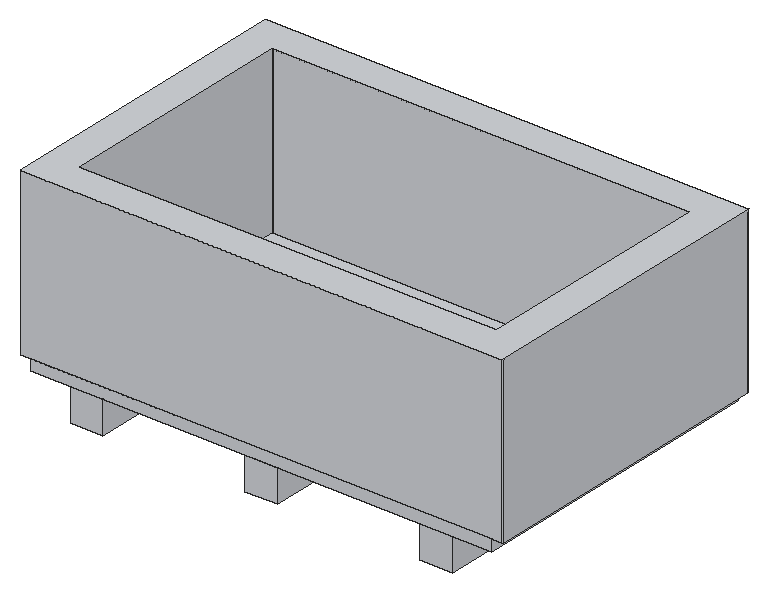
Revit family "Jardinera Gar", category Furniture, Revit 2020
Family settings
  OmniClass Number = 23.40.20.00
  OmniClass Title = General Furniture and Specialties
  Work Plane-Based = No
  Always vertical = Yes
  Cut with Voids When Loaded = No
  Shared = No
  Room Calculation Point = No
Parameters (values of type "Jardinera Gar-UM1480-1100mm")
  URL_Producto = "https://www.benito.com/es/mobiliario-urbano/jardineras/gar--UM1480.html?gclid=CjwKCAjwzuqgBhAcEiwAdj5dRuUjmDwDWn38ps_3I2yirde0eqzXU9MNG1RzuUvBo_gjp3nIC9PmNhoCLp8QAvD_BwE"
  Type Comments = "Anclaje recomendado: Apoyado por su propio peso."
  Referencia = "UM1480"
  Material = none
  H = 0.475 m
  Ficha_Tecnica = "https://www.benito.com/es/download/data-sheet-UM1480"
  Fabricante = "BENITO URBAN SL."
  Description = "Jardinera fabricada con plástico reciclado Rebnew, un material excepcional."
  Default Elevation = 0.000 m
  B = 0.700 m
  A = 1.100 m
Reference planes (m)
  plane 1 "Center (Front/Back)": y = 0
  plane 2: z = 0
  plane 3 "Center (Left/Right)": x = 0
  plane 4: x = -0.55
  plane 5: x = 0.55
  plane 6: y = 0.35
  plane 7: y = -0.35
  plane 8: z = 0.475
  plane 9: z = 0.1
Forms (m)
  Extrusion 1, solid, material <- "Material"
    sketch origin (0, 0, 0) x (1, 0, 0) y (0, 1, 0)
      loop
        arc (-0.548, 0.35) -> (-0.549414, 0.349414) -> (-0.55, 0.348) r 0.002
        line (-0.55, 0.348) -> (-0.55, -0.348)
        arc (-0.55, -0.348) -> (-0.549414, -0.349414) -> (-0.548, -0.35) r 0.002
        line (-0.548, -0.35) -> (0.548, -0.35)
        arc (0.548, -0.35) -> (0.549414, -0.349414) -> (0.55, -0.348) r 0.002
        line (0.55, -0.348) -> (0.55, 0.348)
        arc (0.55, 0.348) -> (0.549414, 0.349414) -> (0.548, 0.35) r 0.002
        line (0.548, 0.35) -> (-0.548, 0.35)
      loop
        arc (-0.473, 0.275) -> (-0.474414, 0.274414) -> (-0.475, 0.273) r 0.002
        line (-0.475, 0.273) -> (-0.475, -0.273)
        arc (-0.475, -0.273) -> (-0.474414, -0.274414) -> (-0.473, -0.275) r 0.002
        line (-0.473, -0.275) -> (0.473, -0.275)
        arc (0.473, -0.275) -> (0.474414, -0.274414) -> (0.475, -0.273) r 0.002
        line (0.475, -0.273) -> (0.475, 0.273)
        arc (0.475, 0.273) -> (0.474414, 0.274414) -> (0.473, 0.275) r 0.002
        line (0.473, 0.275) -> (-0.473, 0.275)
    from 0.1 to 0.475
  Extrusion 2, solid, material <- "Material"
    sketch origin (0, 0, 0) x (1, 0, 0) y (0, 0, 1)
      loop
        line (-0.435, 0.075) -> (-0.435, 0) -> (-0.36, 0) -> (-0.36, 0.075) -> (-0.435, 0.075)
      loop
        line (0.435, 0.075) -> (0.36, 0.075) -> (0.36, 0) -> (0.435, 0) -> (0.435, 0.075)
      loop
        line (0.0375, 0.075) -> (-0.0375, 0.075) -> (-0.0375, 0) -> (0.0375, 0) -> (0.0375, 0.075)
    from -0.35 to 0.35
  Extrusion 3, solid, material <- "Material"
    sketch origin (0, 0, 0) x (1, 0, 0) y (0, 0, 1)
      loop
        line (-0.525, 0.1) -> (-0.525, 0.075) -> (0.525, 0.075) -> (0.525, 0.1) -> (-0.525, 0.1)
    from -0.35 to 0.35
Dimensions and locks (m)
  "H": plane 8 to level
  "A": plane 4 to plane 5
  "B": plane 6 to Extrusion 1
  aligned and locked: level to plane 2
Automatic sketch dimensions
  Extrusion 1 sketch curve to plane 4 = 0.000 m
  Extrusion 1 sketch curve to plane 7 = 0.000 m
  Extrusion 1 sketch curve to plane 6 = 0.000 m
  Extrusion 1 sketch curve to plane 5 = 0.000 m
  plane 4 to Extrusion 1 sketch curve = 0.002 m  (x2)
  plane 4 to Extrusion 1 sketch curve = 0.075 m
  Extrusion 1 sketch curve to Extrusion 1 sketch curve = 0.002 m  (x4)
  plane 5 to Extrusion 1 sketch curve = 0.077 m  (x2)
  plane 5 to Extrusion 1 sketch curve = 0.002 m
  Extrusion 1 sketch curve to plane 7 = 0.075 m
  Extrusion 1 sketch curve to plane 6 = 0.077 m
  Extrusion 2 sketch curve to level = 0.000 m  (x3)
  plane 4 to Extrusion 2 sketch curve = 0.115 m
  Extrusion 2 sketch curve to Extrusion 2 sketch curve = 0.075 m  (x2)
  Extrusion 2 sketch curve to plane 3 "Center (Left/Right)" = 0.0375 m
  plane 3 "Center (Left/Right)" to Extrusion 2 sketch curve = 0.0375 m
  Extrusion 2 sketch curve to plane 9 = 0.025 m  (x3)
  plane 5 to Extrusion 2 sketch curve = 0.190 m
  Extrusion 3 sketch curve to plane 9 = 0.000 m
  plane 4 to Extrusion 3 sketch curve = 0.025 m
  plane 5 to Extrusion 3 sketch curve = 0.025 m
  Extrusion 3 sketch curve to plane 9 = 0.025 m
